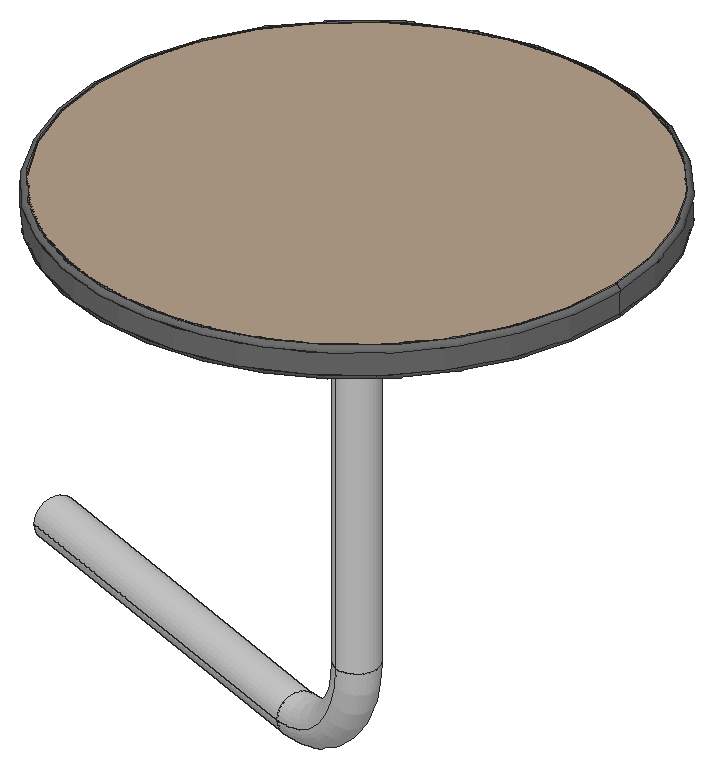
Revit family "1234", category Furniture, Revit 2014
Parameters (values of type "Tablet Arm")
  Width = 25"  # constant formula
  URL = "http://www.seatinginc.com"
  Type Comments = "Kudl"  # constant formula
  Top Surface [instance] = STI - Wood
  Model = "KRTC"
  Manufacturer = "seating inc."  # constant formula
  Leg [instance] = STI - Metal
  Keynote = "12500"
  Height = 33 1/2"  # constant formula
  Edge Band [instance] = STI - Black
  Description = "Kudl Full Back Swive Round Table Top"
  Depth = 26"  # constant formula
  Assembly Code = "E2020200"
Reference planes (in)
  plane 1 "Center (Front/Back)": y = -2.5
  plane 2: z = 0
  plane 3 "Center (Left/Right)": x = 11
  plane 4: y = 10
  plane 5: y = -15
  plane 6: x = -2
  plane 7: x = 24
  plane 8: z = 33.5
  plane 9: z = 15.03125
  plane 10: x = 25.30865
  plane 11: y = -9.50023
Forms (in)
  Sweep 1, solid, material "STI - Metal" <- "Leg"
    path origin (1.03642, 1.19644, 0) x (0.939693, -0.34202, 0) y (0, 0, 1)
      loop
        line (26.46691, 30.21486) -> (26.46691, 16.54696)
        arc (26.46691, 16.54696) -> (25.58823, 14.42564) -> (23.46691, 13.54696) r 3
        line (23.46691, 13.54696) -> (11, 13.54696)
    profile origin (25.90718, -7.85577, 23.38091) x (-0.34202, -0.939693, 0) y (0.939693, -0.34202, 0)
      loop
        circle (1.75, 0) r 0.65931
  Sweep 2, solid, material "STI - Black" <- "Edge Band"
    path origin (0, 0, 0) x (1, 0, 0) y (0, 1, 0)
      loop
        circle (25.30865, -9.50023) r 9
    profile origin (25.30865, -0.50023, 0) x (0, -1, 0) y (0, 0, 1)
      loop
        arc (0.15511, 31.21486) -> (0.04543, 31.16943) -> (0, 31.05975) r 0.15511
        line (0, 31.05975) -> (0, 30.37111)
        arc (0, 30.37111) -> (0.04576, 30.26062) -> (0.15625, 30.21486) r 0.15625
        line (0.15625, 30.21486) -> (0.1875, 30.21486) -> (0.1875, 31.21486) -> (0.15511, 31.21486)
  Extrusion 3, solid, material "STI - Wood" <- "Top Surface"
    sketch origin (25.30865, -9.50023, 31.21486) x (1, 0, 0) y (0, 1, 0)
      loop
        circle (0, 0) r 8.8125
    from 0 to -1
Lines and regions (in)
  symbolic lines, style "Chair"
    curve 1: circle (25.30865, -9.50023, 0) r 9 normal (0, 0, 1)
    curve 2: circle (25.30865, -9.50023, 0) r 8.8125 normal (0, 0, 1)
  symbolic lines, style "FurnitureHiddenLines", detail levels fine
    curve 3: line (11, -3.59069, 0) -> (10.54901, -4.82978, 0)
    curve 4: arc (25.53414, -8.88069, 0) -> (24.6891, -9.27474, 0) -> (25.08315, -10.11978, 0) r 0.65931
    curve 5: arc (25.08315, -10.11978, 0) -> (25.92819, -9.72573, 0) -> (25.53414, -8.88069, 0) r 0.65931
    curve 6: line (11, -3.59069, 0) -> (25.53414, -8.88069, 0)
    curve 7: line (10.54901, -4.82978, 0) -> (25.08315, -10.11978, 0)
Dimensions and locks (in)
  equal spacing: plane 6, plane 3 "Center (Left/Right)", plane 7
  equal spacing: plane 4, plane 1 "Center (Front/Back)", plane 5
  "Width": plane 4 to plane 5
  "Depth": plane 6 to plane 7
  "Height": plane 8 to plane 2
  locked: plane 8 to plane 9 at 18.46875
  locked: plane 11 to plane 1 "Center (Front/Back)" at 7.00023
  locked: plane 7 to plane 10 at 1.30865
  plane 8 to Sweep 2 sketch curve to Sweep 2 sketch curve = 2 73/256" locked, 1" locked
  Sweep 1 sketch curve to plane 10 to Sweep 1 sketch curve = 0.59854" locked, 13.93561" locked
  plane 8 to Sweep 1 sketch curve to Sweep 1 sketch curve to Sweep 1 sketch curve = 3 73/256" locked, 13.6679" locked, 3" locked
  aligned and locked: plane 2 to level
  aligned and locked: Extrusion 3 sketch curve to Sweep 2
  aligned and locked: Extrusion 3 to Sweep 2  (x2)
  aligned and locked: plane 10 to curve 1
  aligned and locked: plane 11 to curve 1
  aligned and locked: curve 2 to Extrusion 3
  aligned and locked: curve 3 to Sweep 1
  aligned and locked: curve 4 to Sweep 1
  aligned and locked: curve 5 to Sweep 1
Automatic sketch dimensions
  Sweep 1 sketch curve to profile plane = 0"
  profile plane to Sweep 1 sketch curve = 1 3/4"
  Sweep 2 sketch curve to plane 10 = 0"
  plane 11 to Sweep 2 sketch curve = 0"
  Sweep 2 sketch curve to profile plane = 0"
  Sweep 2 sketch curve to profile plane = 0.15511"
  Sweep 2 sketch curve to profile plane = 5/32"
  Sweep 2 sketch curve to Sweep 2 sketch curve = 1/32"
  plane 9 to Sweep 1 sketch curve = 1.48429"
  Sweep 1 sketch curve to plane 9 = 1.51571"
  Sweep 1 sketch curve to Sweep 1 sketch curve = 12.46691"
  Sweep 1 sketch curve to plane 8 = 3 73/256"
  plane 10 to curve 6 = 0.2255"
  curve 5 to plane 10 = 0.2255"
  radius of Sweep 1 sketch curve = 0.65931"
  radius of Sweep 2 sketch curve = 9"
  radius of curve 1 = 9"
